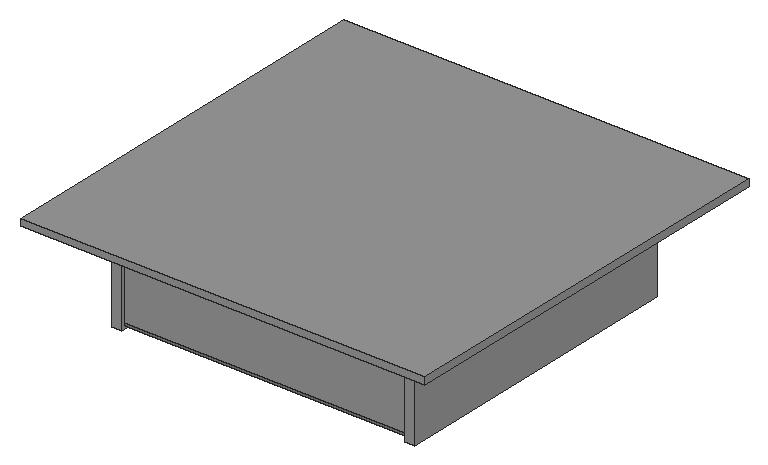
Revit family "Berica 2.0 M", category Lighting Fixtures, Revit 2020 (continued)
Definition of nested family "Light Source Berica 2.0"
  Types (4, lengths in mm): name | Photometric Web File | built-in parameter 1150142
      6.99 36.51 36.04 35.70 35.56 35.70 36.04 36.51 36.99 \r\n37.48 38.05 38.56 39.22 39.76 40.37 40.95 41.50 42.07 \r\n42.57 43.24 43.78 44.37 44.87 45.55 46.13 46.78 47.39 \r\n48.04 48.72 49.41 50.11 50.84 51.76 52.67 53.82 54.88 \r\n56.04 57.13 58.37 59.60 61.01 62.26 63.87 65.32 66.92 \r\n68.51 70.16 71.92 73.66 75.49 77.32 79.52 81.42 83.62 \r\n85.70 87.97 90.20 92.62 94.90 97.28 99.74 102.48 104.95 \r\n107.35 110.11 112.60 115.46 118.24 121.29 124.38 127.44 \r\n130.71 133.90 137.47 140.90 144.80 148.52 151.90 155.92 \r\n159.58 163.03 167.02 170.26 173.79 176.65 179.52 182.00 \r\n184.14 186.05 187.66 188.89 189.82 190.41 190.64 190.44 \r\n190.44 190.67 190.38 189.69 188.59 187.28 185.42 183.47 \r\n180.89 178.36 175.13 171.92 168.33 164.87 160.83 156.97 \r\n153.32 149.37 145.54 141.81 138.37 134.95 131.69 128.23 \r\n125.12 122.17 119.19 116.44 113.71 111.19 108.83 106.34 \r\n103.76 101.55 99.03 96.69 94.33 92.05 89.84 87.69 85.56 \r\n83.43 81.51 79.44 77.68 75.78 74.07 72.37 70.72 69.16 \r\n67.73 66.24 64.82 63.51 62.22 61.12 59.85 58.87 57.76 \r\n56.71 55.71 54.85 54.00 53.42 52.66 52.06 51.40 50.76 \r\n50.19 49.61 49.06 48.48 47.98 47.26 46.80 46.14 45.66 \r\n44.97 44.40 43.77 43.24 42.55 42.05 41.43 40.86 40.40 \r\n39.71 39.32 38.81 38.55 38.31 38.55 38.81 39.32 39.71 \r\n40.40 40.86 41.43 42.05 42.55 43.24 43.77 44.40 44.97 \r\n45.66 46.14 46.80 47.26 47.98 48.48 49.06 49.61 50.19 \r\n50.76 51.40 52.06 52.66 53.42 54.00 54.85 55.71 56.71 \r\n57.76 58.87 59.85 61.12 62.22 63.51 64.82 66.24 67.73 \r\n69.16 70.72 72.37 74.07 75.78 77.68 79.44 81.51 83.43 \r\n85.56 87.69 89.84 92.05 94.33 96.69 99.03 101.55 103.76 \r\n106.34 108.83 111.19 113.71 116.44 119.19 122.17 125.12 \r\n128.23 131.69 134.95 138.37 141.81 145.54 149.37 153.32 \r\n156.97 160.83 164.87 168.33 171.92 175.13 178.36 180.89 \r\n183.47 185.42 187.28 188.59 189.69 190.38 190.67 190.44 \r\n190.44 190.65 190.29 189.60 188.39 186.84 185.03 182.59 \r\n180.03 177.20 173.80 170.37 166.91 162.78 158.94 154.77 \r\n151.15 147.19 143.50 139.63 136.28 132.77 129.72 126.37 \r\n123.48 120.61 117.78 115.25 112.72 110.24 107.83 105.54 \r\n103.19 100.92 98.57 96.28 93.88 91.85 89.57 87.51 85.39 \r\n83.42 81.59 79.62 77.89 76.14 74.43 72.90 71.39 69.85 \r\n68.55 67.13 65.92 64.60 63.53 62.48 61.41 60.42 59.37 \r\n58.42 57.62 57.06 56.27 55.72 55.08 54.53 53.98 53.39 \r\n52.89 52.29 51.77 51.23 50.72 50.06 49.50 48.91 48.35 \r\n47.64 47.04 46.37 45.80 45.07 44.51 43.90 43.29 42.69 \r\n42.17 41.74 41.25 40.91 40.73 40.91 41.25 41.74 42.17 \r\n42.69 43.29 43.90 44.51 45.07 45.80 46.37 47.04 47.64 \r\n48.35 48.91 49.50 50.06 50.72 51.23 51.77 52.29 52.89 \r\n53.39 53.98 54.53 55.08 55.72 56.27 57.06 57.62 58.42 \r\n59.37 60.42 61.41 62.48 63.53 64.60 65.92 67.13 68.55 \r\n69.85 71.39 72.90 74.43 76.14 77.89 79.62 81.59 83.42 \r\n85.39 87.51 89.57 91.85 93.88 96.28 98.57 100.92 103.19 \r\n105.54 107.83 110.24 112.72 115.25 117.78 120.61 123.48 \r\n126.37 129.72 132.77 136.28 139.63 143.50 147.19 151.15 \r\n154.77 158.94 162.78 166.91 170.37 173.80 177.20 180.03 \r\n182.59 185.03 186.84 188.39 189.60 190.29 190.65 190.44 \r\n190.44 190.65 190.25 189.35 188.12 186.66 184.33 182.14 \r\n179.22 176.27 172.57 169.11 165.11 161.29 157.24 153.16 \r\n149.23 145.27 141.56 137.87 134.44 131.03 128.07 124.85 \r\n122.17 119.26 116.79 114.22 111.70 109.31 107.33 104.98 \r\n102.74 100.44 98.14 96.00 93.64 91.56 89.34 87.40 85.35 \r\n83.45 81.46 79.84 78.00 76.44 74.85 73.33 71.94 70.57 \r\n69.20 68.02 66.80 65.67 64.68 63.61 62.73 61.70 60.81 \r\n60.03 59.45 58.78 58.24 57.70 57.15 56.68 56.14 55.66 \r\n55.10 54.58 54.10 53.60 52.93 52.40 51.75 51.22 50.46 \r\n49.84 49.11 48.47 47.83 47.17 46.49 45.78 45.27 44.60 \r\n44.11 43.52 43.21 42.73 42.65 42.73 43.21 43.52 44.11 \r\n44.60 45.27 45.78 46.49 47.17 47.83 48.47 49.11 49.84 \r\n50.46 51.22 51.75 52.40 52.93 53.60 54.10 54.58 55.10 \r\n55.66 56.14 56.68 57.15 57.70 58.24 58.78 59.45 60.03 \r\n60.81 61.70 62.73 63.61 64.68 65.67 66.80 68.02 69.20 \r\n70.57 71.94 73.33 74.85 76.44 78.00 79.84 81.46 83.45 \r\n85.35 87.40 89.34 91.56 93.64 96.00 98.14 100.44 102.74 \r\n104.98 107.33 109.31 111.70 114.22 116.79 119.26 122.17 \r\n124.85 128.07 131.03 134.44 137.87 141.56 145.27 149.23 \r\n153.16 157.24 161.29 165.11 169.11 172.57 176.27 179.22 \r\n182.14 184.33 186.66 188.12 189.35 190.25 190.65 190.44 \r\n190.44 190.61 190.15 189.21 187.94 186.22 184.10 181.49 \r\n178.50 175.25 171.60 167.87 163.94 159.86 155.68 151.71 \r\n147.70 143.75 139.91 136.54 132.92 129.83 126.79 123.76 \r\n121.06 118.50 115.93 113.54 111.21 108.87 106.75 104.35 \r\n102.18 99.96 97.78 95.53 93.46 91.30 89.26 87.24 85.24 \r\n83.45 81.62 79.86 78.26 76.63 75.15 73.70 72.42 71.12 \r\n69.84 68.64 67.50 66.54 65.54 64.62 63.68 62.81 61.96 \r\n61.42 60.83 60.36 59.76 59.30 58.79 58.42 57.91 57.45 \r\n56.99 56.45 55.95 55.35 54.93 54.21 53.63 52.92 52.40 \r\n51.52 50.84 50.08 49.40 48.65 47.93 47.24 46.71 46.16 \r\n45.55 45.05 44.56 44.22 43.98 44.22 44.56 45.05 45.55 \r\n46.16 46.71 47.24 47.93 48.65 49.40 50.08 50.84 51.52 \r\n52.40 52.92 53.63 54.21 54.93 55.35 55.95 56.45 56.99 \r\n57.45 57.91 58.42 58.79 59.30 59.76 60.36 60.83 61.42 \r\n61.96 62.81 63.68 64.62 65.54 66.54 67.50 68.64 69.84 \r\n71.12 72.42 73.70 75.15 76.63 78.26 79.86 81.62 83.45 \r\n85.24 87.24 89.26 91.30 93.46 95.53 97.78 99.96 102.18 \r\n104.35 106.75 108.87 111.21 113.54 115.93 118.50 121.06 \r\n123.76 126.79 129.83 132.92 136.54 139.91 143.75 147.70 \r\n151.71 155.68 159.86 163.94 167.87 171.60 175.25 178.50 \r\n181.49 184.10 186.22 187.94 189.21 190.15 190.61 190.44 \r\n190.44 190.60 190.08 189.11 187.79 185.95 183.69 181.05 \r\n178.12 174.64 170.94 167.33 163.05 159.00 154.62 150.59 \r\n146.67 142.66 138.91 135.34 132.08 128.65 125.78 123.00 \r\n120.36 117.89 115.36 112.92 110.68 108.23 106.31 104.00 \r\n101.80 99.66 97.33 95.05 93.02 90.97 88.97 86.96 85.02 \r\n83.33 81.59 79.94 78.30 76.76 75.41 73.99 72.67 71.51 \r\n70.23 69.17 68.15 67.06 66.15 65.21 64.40 63.55 62.88 \r\n62.30 61.89 61.32 60.94 60.49 59.99 59.61 59.16 58.69 \r\n58.27 57.73 57.22 56.68 56.07 55.58 54.84 54.19 53.36 \r\n52.66 51.87 51.22 50.36 49.69 49.02 48.23 47.65 47.00 \r\n46.49 45.97 45.52 45.11 45.11 45.11 45.52 45.97 46.49 \r\n47.00 47.65 48.23 49.02 49.69 50.36 51.22 51.87 52.66 \r\n53.36 54.19 54.84 55.58 56.07 56.68 57.22 57.73 58.27 \r\n58.69 59.16 59.61 59.99 60.49 60.94 61.32 61.89 62.30 \r\n62.88 63.55 64.40 65.21 66.15 67.06 68.15 69.17 70.23 \r\n71.51 72.67 73.99 75.41 76.76 78.30 79.94 81.59 83.33 \r\n85.02 86.96 88.97 90.97 93.02 95.05 97.33 99.66 101.80 \r\n104.00 106.31 108.23 110.68 112.92 115.36 117.89 120.36 \r\n123.00 125.78 128.65 132.08 135.34 138.91 142.66 146.67 \r\n150.59 154.62 159.00 163.05 167.33 170.94 174.64 178.12 \r\n181.05 183.69 185.95 187.79 189.11 190.08 190.60 190.44 \r\n190.44 190.56 190.08 189.06 187.64 185.73 183.54 180.68 \r\n177.52 174.29 170.48 166.51 162.54 158.43 154.02 150.10 \r\n146.02 142.02 138.38 134.71 131.43 128.34 125.30 122.51 \r\n119.83 117.28 115.02 112.60 110.45 108.07 105.96 103.80 \r\n101.55 99.35 97.11 94.89 92.85 90.70 88.75 86.73 84.89 \r\n83.02 81.34 79.68 78.29 76.76 75.40 74.14 72.81 71.57 \r\n70.42 69.38 68.37 67.36 66.42 65.59 64.75 63.97 63.44 \r\n62.91 62.44 61.92 61.49 61.14 60.67 60.29 59.89 59.42 \r\n58.98 58.52 57.98 57.49 56.91 56.18 55.67 54.89 54.16 \r\n53.31 52.52 51.81 50.99 50.19 49.51 48.81 48.12 47.54 \r\n46.85 46.51 46.04 45.74 45.63 45.74 46.04 46.51 46.85 \r\n47.54 48.12 48.81 49.51 50.19 50.99 51.81 52.52 53.31 \r\n54.16 54.89 55.67 56.18 56.91 57.49 57.98 58.52 58.98 \r\n59.42 59.89 60.29 60.67 61.14 61.49 61.92 62.44 62.91 \r\n63.44 63.97 64.75 65.59 66.42 67.36 68.37 69.38 70.42 \r\n71.57 72.81 74.14 75.40 76.76 78.29 79.68 81.34 83.02 \r\n84.89 86.73 88.75 90.70 92.85 94.89 97.11 99.35 101.55 \r\n103.80 105.96 108.07 110.45 112.60 115.02 117.28 119.83 \r\n122.51 125.30 128.34 131.43 134.71 138.38 142.02 146.02 \r\n150.10 154.02 158.43 162.54 166.51 170.48 174.29 177.52 \r\n180.68 183.54 185.73 187.64 189.06 190.08 190.56 190.44 \r\n190.44 190.45 189.85 188.84 187.33 185.34 183.03 180.28 \r\n177.36 173.74 169.91 165.81 161.64 157.45 153.48 149.72 \r\n145.24 141.65 137.90 134.33 131.06 128.17 125.22 122.40 \r\n119.70 117.17 115.08 112.57 110.40 108.15 105.88 103.61 \r\n101.72 99.29 97.19 94.97 92.98 90.71 88.82 86.85 85.03 \r\n83.20 81.49 79.84 78.41 76.97 75.71 74.38 73.11 71.86 \r\n70.78 69.60 68.77 67.77 66.81 65.90 65.09 64.27 63.86 \r\n63.15 62.85 62.35 61.97 61.53 61.19 60.67 60.35 59.88 \r\n59.48 58.91 58.57 57.88 57.38 56.62 55.97 55.34 54.53 \r\n53.72 52.95 52.01 51.35 50.63 49.85 49.06 48.48 47.84 \r\n47.21 46.72 46.24 45.99 45.84 45.99 46.24 46.72 47.21 \r\n47.84 48.48 49.06 49.85 50.63 51.35 52.01 52.95 53.72 \r\n54.53 55.34 55.97 56.62 57.38 57.88 58.57 58.91 59.48 \r\n59.88 60.35 60.67 61.19 61.53 61.97 62.35 62.85 63.15 \r\n63.86 64.27 65.09 65.90 66.81 67.77 68.77 69.60 70.78 \r\n71.86 73.11 74.38 75.71 76.97 78.41 79.84 81.49 83.20 \r\n85.03 86.85 88.82 90.71 92.98 94.97 97.19 99.29 101.72 \r\n103.61 105.88 108.15 110.40 112.57 115.08 117.17 119.70 \r\n122.40 125.22 128.17 131.06 134.33 137.90 141.65 145.24 \r\n149.72 153.48 157.45 161.64 165.81 169.91 173.74 177.36 \r\n180.28 183.03 185.34 187.33 188.84 189.85 190.45 190.44 \r\n190.44 190.56 190.08 189.06 187.64 185.73 183.54 180.68 \r\n177.52 174.29 170.48 166.51 162.54 158.43 154.02 150.10 \r\n146.02 142.02 138.38 134.71 131.43 128.34 125.30 122.51 \r\n119.83 117.28 115.02 112.60 110.45 108.07 105.96 103.80 \r\n101.55 99.35 97.11 94.89 92.85 90.70 88.75 86.73 84.89 \r\n83.02 81.34 79.68 78.29 76.76 75.40 74.14 72.81 71.57 \r\n70.42 69.38 68.37 67.36 66.42 65.59 64.75 63.97 63.44 \r\n62.91 62.44 61.92 61.49 61.14 60.67 60.29 59.89 59.42 \r\n58.98 58.52 57.98 57.49 56.91 56.18 55.67 54.89 54.16 \r\n53.31 52.52 51.81 50.99 50.19 49.51 48.81 48.12 47.54 \r\n46.85 46.51 46.04 45.74 45.63 45.74 46.04 46.51 46.85 \r\n47.54 48.12 48.81 49.51 50.19 50.99 51.81 52.52 53.31 \r\n54.16 54.89 55.67 56.18 56.91 57.49 57.98 58.52 58.98 \r\n59.42 59.89 60.29 60.67 61.14 61.49 61.92 62.44 62.91 \r\n63.44 63.97 64.75 65.59 66.42 67.36 68.37 69.38 70.42 \r\n71.57 72.81 74.14 75.40 76.76 78.29 79.68 81.34 83.02 \r\n84.89 86.73 88.75 90.70 92.85 94.89 97.11 99.35 101.55 \r\n103.80 105.96 108.07 110.45 112.60 115.02 117.28 119.83 \r\n122.51 125.30 128.34 131.43 134.71 138.38 142.02 146.02 \r\n150.10 154.02 158.43 162.54 166.51 170.48 174.29 177.52 \r\n180.68 183.54 185.73 187.64 189.06 190.08 190.56 190.44 \r\n190.44 190.60 190.08 189.11 187.79 185.95 183.69 181.05 \r\n178.12 174.64 170.94 167.33 163.05 159.00 154.62 150.59 \r\n146.67 142.66 138.91 135.34 132.08 128.65 125.78 123.00 \r\n120.36 117.89 115.36 112.92 110.68 108.23 106.31 104.00 \r\n101.80 99.66 97.33 95.05 93.02 90.97 88.97 86.96 85.02 \r\n83.33 81.59 79.94 78.30 76.76 75.41 73.99 72.67 71.51 \r\n70.23 69.17 68.15 67.06 66.15 65.21 64.40 63.55 62.88 \r\n62.30 61.89 61.32 60.94 60.49 59.99 59.61 59.16 58.69 \r\n58.27 57.73 57.22 56.68 56.07 55.58 54.84 54.19 53.36 \r\n52.66 51.87 51.22 50.36 49.69 49.02 48.23 47.65 47.00 \r\n46.49 45.97 45.52 45.11 45.11 45.11 45.52 45.97 46.49 \r\n47.00 47.65 48.23 49.02 49.69 50.36 51.22 51.87 52.66 \r\n53.36 54.19 54.84 55.58 56.07 56.68 57.22 57.73 58.27 \r\n58.69 59.16 59.61 59.99 60.49 60.94 61.32 61.89 62.30 \r\n62.88 63.55 64.40 65.21 66.15 67.06 68.15 69.17 70.23 \r\n71.51 72.67 73.99 75.41 76.76 78.30 79.94 81.59 83.33 \r\n85.02 86.96 88.97 90.97 93.02 95.05 97.33 99.66 101.80 \r\n104.00 106.31 108.23 110.68 112.92 115.36 117.89 120.36 \r\n123.00 125.78 128.65 132.08 135.34 138.91 142.66 146.67 \r\n150.59 154.62 159.00 163.05 167.33 170.94 174.64 178.12 \r\n181.05 183.69 185.95 187.79 189.11 190.08 190.60 190.44 \r\n190.44 190.61 190.15 189.21 187.94 186.22 184.10 181.49 \r\n178.50 175.25 171.60 167.87 163.94 159.86 155.68 151.71 \r\n147.70 143.75 139.91 136.54 132.92 129.83 126.79 123.76 \r\n121.06 118.50 115.93 113.54 111.21 108.87 106.75 104.35 \r\n102.18 99.96 97.78 95.53 93.46 91.30 89.26 87.24 85.24 \r\n83.45 81.62 79.86 78.26 76.63 75.15 73.70 72.42 71.12 \r\n69.84 68.64 67.50 66.54 65.54 64.62 63.68 62.81 61.96 \r\n61.42 60.83 60.36 59.76 59.30 58.79 58.42 57.91 57.45 \r\n56.99 56.45 55.95 55.35 54.93 54.21 53.63 52.92 52.40 \r\n51.52 50.84 50.08 49.40 48.65 47.93 47.24 46.71 46.16 \r\n45.55 45.05 44.56 44.22 43.98 44.22 44.56 45.05 45.55 \r\n46.16 46.71 47.24 47.93 48.65 49.40 50.08 50.84 51.52 \r\n52.40 52.92 53.63 54.21 54.93 55.35 55.95 56.45 56.99 \r\n57.45 57.91 58.42 58.79 59.30 59.76 60.36 60.83 61.42 \r\n61.96 62.81 63.68 64.62 65.54 66.54 67.50 68.64 69.84 \r\n71.12 72.42 73.70 75.15 76.63 78.26 79.86 81.62 83.45 \r\n85.24 87.24 89.26 91.30 93.46 95.53 97.78 99.96 102.18 \r\n104.35 106.75 108.87 111.21 113.54 115.93 118.50 121.06 \r\n123.76 126.79 129.83 132.92 136.54 139.91 143.75 147.70 \r\n151.71 155.68 159.86 163.94 167.87 171.60 175.25 178.50 \r\n181.49 184.10 186.22 187.94 189.21 190.15 190.61 190.44 \r\n190.44 190.65 190.25 189.35 188.12 186.66 184.33 182.14 \r\n179.22 176.27 172.57 169.11 165.11 161.29 157.24 153.16 \r\n149.23 145.27 141.56 137.87 134.44 131.03 128.07 124.85 \r\n122.17 119.26 116.79 114.22 111.70 109.31 107.33 104.98 \r\n102.74 100.44 98.14 96.00 93.64 91.56 89.34 87.40 85.35 \r\n83.45 81.46 79.84 78.00 76.44 74.85 73.33 71.94 70.57 \r\n69.20 68.02 66.80 65.67 64.68 63.61 62.73 61.70 60.81 \r\n60.03 59.45 58.78 58.24 57.70 57.15 56.68 56.14 55.66 \r\n55.10 54.58 54.10 53.60 52.93 52.40 51.75 51.22 50.46 \r\n49.84 49.11 48.47 47.83 47.17 46.49 45.78 45.27 44.60 \r\n44.11 43.52 43.21 42.73 42.65 42.73 43.21 43.52 44.11 \r\n44.60 45.27 45.78 46.49 47.17 47.83 48.47 49.11 49.84 \r\n50.46 51.22 51.75 52.40 52.93 53.60 54.10 54.58 55.10 \r\n55.66 56.14 56.68 57.15 57.70 58.24 58.78 59.45 60.03 \r\n60.81 61.70 62.73 63.61 64.68 65.67 66.80 68.02 69.20 \r\n70.57 71.94 73.33 74.85 76.44 78.00 79.84 81.46 83.45 \r\n85.35 87.40 89.34 91.56 93.64 96.00 98.14 100.44 102.74 \r\n104.98 107.33 109.31 111.70 114.22 116.79 119.26 122.17 \r\n124.85 128.07 131.03 134.44 137.87 141.56 145.27 149.23 \r\n153.16 157.24 161.29 165.11 169.11 172.57 176.27 179.22 \r\n182.14 184.33 186.66 188.12 189.35 190.25 190.65 190.44 \r\n190.44 190.65 190.29 189.60 188.39 186.84 185.03 182.59 \r\n180.03 177.20 173.80 170.37 166.91 162.78 158.94 154.77 \r\n151.15 147.19 143.50 139.63 136.28 132.77 129.72 126.37 \r\n123.48 120.61 117.78 115.25 112.72 110.24 107.83 105.54 \r\n103.19 100.92 98.57 96.28 93.88 91.85 89.57 87.51 85.39 \r\n83.42 81.59 79.62 77.89 76.14 74.43 72.90 71.39 69.85 \r\n68.55 67.13 65.92 64.60 63.53 62.48 61.41 60.42 59.37 \r\n58.42 57.62 57.06 56.27 55.72 55.08 54.53 53.98 53.39 \r\n52.89 52.29 51.77 51.23 50.72 50.06 49.50 48.91 48.35 \r\n47.64 47.04 46.37 45.80 45.07 44.51 43.90 43.29 42.69 \r\n42.17 41.74 41.25 40.91 40.73 40.91 41.25 41.74 42.17 \r\n42.69 43.29 43.90 44.51 45.07 45.80 46.37 47.04 47.64 \r\n48.35 48.91 49.50 50.06 50.72 51.23 51.77 52.29 52.89 \r\n53.39 53.98 54.53 55.08 55.72 56.27 57.06 57.62 58.42 \r\n59.37 60.42 61.41 62.48 63.53 64.60 65.92 67.13 68.55 \r\n69.85 71.39 72.90 74.43 76.14 77.89 79.62 81.59 83.42 \r\n85.39 87.51 89.57 91.85 93.88 96.28 98.57 100.92 103.19 \r\n105.54 107.83 110.24 112.72 115.25 117.78 120.61 123.48 \r\n126.37 129.72 132.77 136.28 139.63 143.50 147.19 151.15 \r\n154.77 158.94 162.78 166.91 170.37 173.80 177.20 180.03 \r\n182.59 185.03 186.84 188.39 189.60 190.29 190.65 190.44 \r\n190.44 190.67 190.38 189.69 188.59 187.28 185.42 183.47 \r\n180.89 178.36 175.13 171.92 168.33 164.87 160.83 156.97 \r\n153.32 149.37 145.54 141.81 138.37 134.95 131.69 128.23 \r\n125.12 122.17 119.19 116.44 113.71 111.19 108.83 106.34 \r\n103.76 101.55 99.03 96.69 94.33 92.05 89.84 87.69 85.56 \r\n83.43 81.51 79.44 77.68 75.78 74.07 72.37 70.72 69.16 \r\n67.73 66.24 64.82 63.51 62.22 61.12 59.85 58.87 57.76 \r\n56.71 55.71 54.85 54.00 53.42 52.66 52.06 51.40 50.76 \r\n50.19 49.61 49.06 48.48 47.98 47.26 46.80 46.14 45.66 \r\n44.97 44.40 43.77 43.24 42.55 42.05 41.43 40.86 40.40 \r\n39.71 39.32 38.81 38.55 38.31 38.55 38.81 39.32 39.71 \r\n40.40 40.86 41.43 42.05 42.55 43.24 43.77 44.40 44.97 \r\n45.66 46.14 46.80 47.26 47.98 48.48 49.06 49.61 50.19 \r\n50.76 51.40 52.06 52.66 53.42 54.00 54.85 55.71 56.71 \r\n57.76 58.87 59.85 61.12 62.22 63.51 64.82 66.24 67.73 \r\n69.16 70.72 72.37 74.07 75.78 77.68 79.44 81.51 83.43 \r\n85.56 87.69 89.84 92.05 94.33 96.69 99.03 101.55 103.76 \r\n106.34 108.83 111.19 113.71 116.44 119.19 122.17 125.12 \r\n128.23 131.69 1
